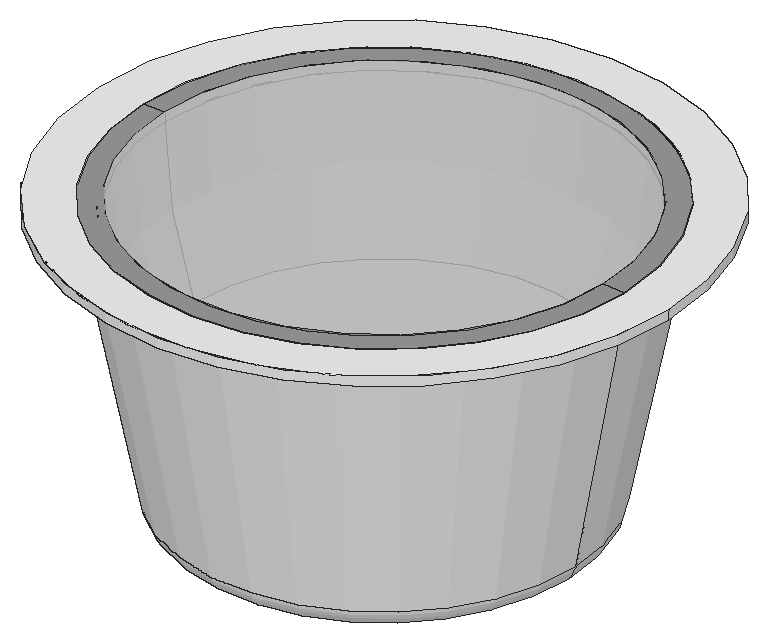
Revit family "2060551 Sylvania Lighting Fixture ASCENT 100 II ARCH 1900 3K STD EMG 160", category Lighting Fixtures, host Face, Revit 2016
Family settings
  Host = Face
  Part Type = Normal
  Round Connector Dimension = Use Diameter
  OmniClass Number = 23.80.70.11.17
  OmniClass Title = Specialized Lighting by Location or Use
  Cut with Voids When Loaded = No
  Light Source = Yes
  Shared = No
  Room Calculation Point = No
Parameters (values of type "2060551 ASCT100 II ARCH 1900 3K STD EMG 160 Emergency mode")
  WidthBezelAcc_SYL = 25.0 mm
  Weight = "1.92 kg"
  Wattage = 1.84536 W
  WarrantyStartDate [instance] = "n/a"
  WarrantyGuarantorParts = "n/a"
  WarrantyDurationUnit = "n/a"
  WarrantyDurationParts = "n/a"
  WarrantyDescription = "n/a"
  built-in parameter 1150110 = 1 (stored number, unit not read)
  Voltage = 0 V
  VisibilityAccessory_SYL = no
  TypeName = "ASCT100 II ARCH 1900 3K STD EMG 160 Emergency mode"
  built-in parameter 1114217 = 1 (stored number, unit not read)
  Tilt Angle = -90°
  built-in parameter 1150109 = 1 (stored number, unit not read)
  built-in parameter 1150134 = (empty or 0)
  built-in parameter 1150113 = 1 (stored number, unit not read)
  SerialNumber [instance] = "n/a"
  ReflectorRadius_SYL = Radius_SYL - 14.5 mm  # 80.0 mm
  RadiusAcc_SYL = 105.0 mm
  Radius_SYL = 94.5 mm
  URL = "http://www.sylvania-lighting.com"
  PowerFactor = 0
  PowerConsumption = "19 W"
  Photometric Web File = "2060551EM.ies"
  NominalWidth = 0.0 mm
  NominalLength = 0.0 mm
  NominalHeight = 94.0 mm
  Name = "ASCT100 II ARCH 1900 3K STD EMG 160 Emergency mode"
  ModelReference = "ASCT100 II ARCH 1900 3K STD EMG 160 Emergency mode"
  ModelNumber = "2060551"
  Material_4_SYL = none
  Material_3_SYL = Polycarbonate_Sylvania_Ascent_Opal
  Material_2_SYL = Aluminium_Sylvania_Ascent_Silver
  Material_1_SYL = Aluminum_Sylvania_Ascent_White
  Material = "aluminium housing, arcylic diffuser"
  ManufacturerName = "Feilo Sylvania"
  LuminousEfficacy = "97 lm/W"
  built-in parameter 1150105 = 14.244 (stored number, unit not read)
  Lumens = 179 lm
  LuminaireType = ""
  built-in parameter 1150115 = 1 (stored number, unit not read)
  LightOutputRatio = "100"
  built-in parameter 1150137 = (empty or 0)
  built-in parameter 1150139 = (empty or 0)
  LampsType = Lamp  # "LED"
  LampNominalLuminous = "1847 lm"
  LampMacAdamStep = "3"
  LampColourTemperature = "3000 K"
  LampColourRenderingIndex = "80"
  built-in parameter 1150112 = 1 (stored number, unit not read)
  built-in parameter 1150114 = 1 (stored number, unit not read)
  Keynote = "16500"
  InstallationDate [instance] = "n/a"
  InputVoltage = "n/a"
  InputNominalFrequency = "n/a"
  built-in parameter 1150132 = (empty or 0)
  built-in parameter 1150102 = (empty or 0)
  built-in parameter 1150107 = 3000 (stored number, unit not read)
  built-in parameter 1150138 = (empty or 0)
  IngressProtection = "IP40"
  ImpactProtectionIndex = "IK02"
  built-in parameter 1150106 = 0.14244 (stored number, unit not read)
  IfcExportType = "IfcLightFixtureType"
  IfcExportAs = "IfcLightFixtureType"
  Height_SYL = 94.0 mm
  HeightAcc_SYL = 7.0 mm
  ExpectedLife = 50000
  EmittionSurface_SYL = if(VisibilityAccessory_SYL, 7.0 mm, 3.0 mm)  # 3.0 mm
  Emit from Circle Diameter = DiffuserRadius_SYL * 2  # 146.0 mm
  Emit Shape Visible in Rendering = no
  ElectricShockClassification = "Class II"
  built-in parameter 1150104 = 9.0116 (stored number, unit not read)
  DurationUnit = "hours"
  DocumentationLiterature = "http://www.sylvania-lighting.com/product/en-int/products/2060551"
  DimmingControlOptions = "n/a"
  Dimming Lamp Color Temperature Shift = <None>
  DiffuserRadius_SYL = ReflectorRadius_SYL - 7.0 mm  # 73.0 mm
  Diameter_SYL = 2 * Radius_SYL  # 189.0 mm
  CutoutDiameter_SYL = Diameter_SYL - 13.0 mm  # 176.0 mm
  CreatedOn = "9/17/2018"
  CreatedBy = "@sylvania-lighting.com"
  Color Filter = 16777215
  built-in parameter 1114216 [instance] = 1 (stored number, unit not read)
  Model = "ASCT100 II ARCH 1900 3K STD EMG 160 Emergency mode"
  Manufacturer = "Feilo Sylvania"
  Lamp = "LED"
  Description = "Direct LED retro fit for original LED 100 Arch (160) single CFL lamp offering Matching lumen levels and improved light distribution of original LED 100 CFL lamp equivalents Typically half the power consumption compared to CFL Up to 112lm/W 160mm aperture Architectural reflector accepts range of glass accessories from existing LED 100 Arch 160 offering HE, HO and VHO versions equivalent of single 1 x 18W, 1 x 32W, 1 x 42W\r\n Additional VVHO versions which offer the performance circa 2 x 32W equivalent"  # constant formula
  Default Elevation = 0.0 mm
  built-in parameter 1140040 [instance] = 1
  BarCode [instance] = "n/a"
  built-in parameter 1114218 = 1 (stored number, unit not read)
  built-in parameter 1150133 = 10 (stored number, unit not read)
  AssetType = "Fixed"
  AssetIdentifier [instance] = "n/a"
  Assembly Code = "D5020200"
  Apparent Load = 1.84536 VA
  Aperture_SYL = 2 * ReflectorRadius_SYL  # 160.0 mm
Types (2, lengths in mm): name | Wattage | TypeName | Photometric Web File | Name | ModelReference | built-in parameter 1150105 | Lumens | built-in parameter 1150106 | Model | Apparent Load
  2060551 ASCT100 II ARCH 1900 3K STD EMG 160 Emergency mode | 1.84536 W | "ASCT100 II ARCH 1900 3K STD EMG 160 Emergency mode" | "2060551EM.ies" | "ASCT100 II ARCH 1900 3K STD EMG 160 Emergency mode" | "ASCT100 II ARCH 1900 3K STD EMG 160 Emergency mode" | 14.244 (stored number, unit not read) | 179 lm | 0.14244 (stored number, unit not read) | "ASCT100 II ARCH 1900 3K STD EMG 160 Emergency mode" | 1.84536 VA
  2060551 ASCT100 II ARCH 1900 3K STD EMG 160 | 19 W | "ASCENT 100 II ARCH 1900 3K STD EMG 160" | "2060551.ies" | "ASCENT 100 II ARCH 1900 3K STD EMG 160" | "ASCENT 100 II ARCH 1900 3K STD EMG 160" | 146.66 (stored number, unit not read) | 1843 lm | 1.4666 (stored number, unit not read) | "ASCENT 100 II ARCH 1900 3K STD EMG 160" | 19 VA
Reference planes
  plane 1 "Center (Front/Back)": y = 0
  plane 2: z = 0
  plane 3 "Center (Left/Right)": x = 0
  plane 4 "Fixture Bottom": z = 3
  plane 5: z = -52.5
  plane 6 "Fixture Top": z = -91
  plane 7: x = -105
  plane 8: z = 7
  plane 9: x = -80
  plane 10: z = 5
  plane 11: x = -103
Forms (mm)
  Extrusion 1, solid, material "Aluminum_Sylvania_Ascent_White", detail levels fine
    sketch origin (0, 0, 0) x (1, 0, 0) y (0, 1, 0)
      loop
        circle (0, 0) r 94.5
      loop
        circle (0, 0) r 80
    from 0 to 3
  Extrusion 2, void
    sketch origin (0, 0, 0) x (1, 0, 0) y (0, 1, 0)
      loop
        circle (0, 0) r 88
    from -91 to 3
  Revolve 3, solid, material "Aluminum_Sylvania_Ascent_White" <- "Material_1_SYL", detail levels fine
    sketch origin (0, 0, 0) x (1, 0, 0) y (0, 0, 1)
      loop
        line (0, -91.073) -> (0, -89.023) -> (-55.468, -89.014)
        arc (-55.468, -89.014) -> (-59.352, -87.613) -> (-61.54, -84.139) r 6.307
        line (-61.54, -84.139) -> (-77.991, -2.844) -> (-77.991, 0) -> (-80, 0) -> (-80, -3) -> (-63.5, -84.536)
        arc (-63.5, -84.536) -> (-60.643, -89.203) -> (-55.5, -91.073) r 8.291
        line (-55.5, -91.073) -> (0, -91.073)
      axis (0, 0) -> (0, -91.073)
    angle from 0 to 360
  Revolve 4, solid, material "Aluminium_Sylvania_Ascent_Silver" <- "Material_2_SYL", detail levels fine
    sketch origin (0, 0, 0) x (1, 0, 0) y (0, 0, 1)
      loop
        line (-80, 3) -> (-80, 0) -> (-75, 0)
        arc (-75, 0) -> (-72.349, -26.77) -> (-64.5, -52.5) r 136.5
        line (-64.5, -52.5) -> (-58, -52.5)
        arc (-58, -52.5) -> (-56.857, -61.521) -> (-53.5, -69.971) r 36.166
        line (-53.5, -69.971) -> (0, -69.971) -> (0, -50.5) -> (-63.16, -50.5)
        arc (-63.16, -50.5) -> (-70.517, -25.725) -> (-73, 0) r 134.5
        line (-73, 0) -> (-73, 3) -> (-80, 3)
      axis (0, 3) -> (0, -69.971)
    angle from 0 to 360
  Extrusion 5, solid, material "Polycarbonate_Sylvania_Ascent_Opal" <- "Material_3_SYL", detail levels fine
    sketch origin (0, 0, 0) x (1, 0, 0) y (0, 1, 0)
      loop
        circle (0, 0) r 73
    from 0 to 3
  Revolve 6, solid, material "Aluminum_Sylvania_Ascent_White" <- "Material_1_SYL", detail levels coarse+medium
    sketch origin (0, 0, 0) x (1, 0, 0) y (0, 0, 1)
      loop
        line (0, -91.073) -> (0, 3) -> (-94.5, 3) -> (-94.5, 0) -> (-79.5, 0) -> (-79.5, -3) -> (-63, -84.536)
        arc (-63, -84.536) -> (-60.143, -89.203) -> (-55, -91.073) r 8.291
        line (-55, -91.073) -> (0, -91.073)
      axis (0, 3) -> (0, -91.073)
    angle from 0 to 360
  Revolve 7, solid, material "Aluminum_Sylvania_Ascent_White" <- "Material_1_SYL", visible <- "VisibilityAccessory_SYL"
    sketch origin (0, 0, 0) x (1, 0, 0) y (0, 0, 1)
      loop
        line (-105, 0) -> (-103, 0) -> (-103, 5) -> (-80, 5) -> (-80, 7) -> (-105, 7) -> (-105, 0)
      axis (0, 7) -> (0, 0)
    angle from 0 to 360
  Revolve 8, solid, material "Polycarbonate_Sylvania_Ascent_Opal" <- "Material_3_SYL", visible <- "VisibilityAccessory_SYL"
    sketch origin (0, 0, 0) x (1, 0, 0) y (0, 0, 1)
      loop
        line (-80, 7) -> (-80, 5) -> (0, 5) -> (0, 7) -> (-80, 7)
      axis (0, 7) -> (0, 5)
    angle from 0 to 360
Lines and regions (mm)
  reference lines
    curve 1: line (-150, 0, 3) -> (125, 0, 3)
Dimensions and locks
  locked: plane 4 "Fixture Bottom" to plane 2 at 3
  "Height_SYL": plane 4 "Fixture Bottom" to plane 6 "Fixture Top"
  "ReflectorRadius_SYL": plane 3 "Center (Left/Right)" to Revolve 4 sketch curve
  locked: Revolve 4 sketch curve to Revolve 4 sketch curve at 15.5
  locked: Revolve 4 sketch curve to Revolve 4 sketch curve at 5
  locked: Revolve 4 sketch curve to Revolve 4 sketch curve at 7
  locked: Revolve 4 sketch curve to Revolve 4 sketch curve at 22
  locked: Revolve 4 sketch curve to Revolve 4 sketch curve at 26.5
  locked: Revolve 3 sketch curve to Revolve 3 sketch curve at 16.5
  locked: Revolve 3 sketch curve to Revolve 3 sketch curve at 24.5
  "ReflectorRadius_SYL": Revolve 3 sketch curve to plane 3 "Center (Left/Right)"
  locked: Revolve 3 sketch curve to plane 6 "Fixture Top" at 6.464
  locked: plane 2 to Revolve 3 sketch curve at 3
  locked: Revolve 3 sketch curve to Revolve 3 sketch curve at 2
  locked: Revolve 3 sketch curve to Revolve 3 sketch curve at 2.009
  locked: plane 2 to plane 5 at 52.5
  locked: Revolve 6 sketch curve to Revolve 6 sketch curve at 31.5
  locked: Revolve 6 sketch curve to Revolve 6 sketch curve at 39.5
  locked: Revolve 6 sketch curve to Revolve 6 sketch curve at 15
  "Radius_SYL": plane 3 "Center (Left/Right)" to Revolve 6 sketch curve
  "RadiusAcc_SYL": plane 3 "Center (Left/Right)" to plane 7
  "HeightAcc_SYL": plane 8 to level
  "WidthBezelAcc_SYL": plane 7 to plane 9
  locked: plane 7 to plane 11 at 2
  locked: plane 8 to plane 10 at 2
  "EmittionSurface_SYL": curve 1 to level
  "CutoutDiameter_SYL": diameter of Extrusion 2 sketch curve
  "ReflectorRadius_SYL": radius of Extrusion 1 sketch curve
  "DiffuserRadius_SYL": radius of Extrusion 5 sketch curve
  "Radius_SYL": radius of Extrusion 1 sketch curve
  aligned and locked: host face to plane 2
  aligned and locked: host face to level
  aligned and locked: plane 4 "Fixture Bottom" to Extrusion 1
  aligned and locked: Extrusion 1 to plane 2
  aligned and locked: Revolve 3 sketch curve to plane 3 "Center (Left/Right)"
  aligned and locked: Revolve 4 sketch curve to plane 3 "Center (Left/Right)"  (x2)
  aligned and locked: plane 4 "Fixture Bottom" to Revolve 4 sketch curve
  aligned and locked: Extrusion 5 to plane 2
  aligned and locked: plane 2 to Revolve 3 sketch curve  (x2)
  aligned and locked: Revolve 6 sketch curve to plane 3 "Center (Left/Right)"
  aligned and locked: plane 6 "Fixture Top" to Extrusion 2
  aligned and locked: Revolve 7 sketch curve to plane 3 "Center (Left/Right)"
  aligned and locked: host face to Revolve 7 sketch curve  (x2)
  aligned and locked: Revolve 7 sketch curve to plane 7
  aligned and locked: plane 8 to Revolve 7 sketch curve
  aligned and locked: plane 9 to Revolve 7 sketch curve
  aligned and locked: Revolve 7 sketch curve to plane 10
  aligned and locked: plane 11 to Revolve 7 sketch curve
  aligned and locked: Revolve 7 to Revolve 8 sketch curve
  aligned and locked: Revolve 8 sketch curve to Revolve 7  (x2)
  aligned and locked: Revolve 8 sketch curve to plane 3 "Center (Left/Right)"  (x2)
  aligned and locked: plane 3 "Center (Left/Right)" to imposter light
  aligned and locked: imposter light to plane 1 "Center (Front/Back)"
  aligned and locked: imposter light to curve 1
Automatic sketch dimensions
  plane 1 "Center (Front/Back)" to Extrusion 2 sketch curve = 0.0 mm
  Extrusion 2 sketch curve to plane 3 "Center (Left/Right)" = 0.0 mm
  Extrusion 1 sketch curve to Extrusion 1 sketch curve = 0.0 mm  (x2)
  plane 1 "Center (Front/Back)" to Extrusion 1 sketch curve = 0.0 mm
  Extrusion 1 sketch curve to plane 3 "Center (Left/Right)" = 0.0 mm
  plane 6 "Fixture Top" to Revolve 3 sketch curve = 0.073 mm
  Revolve 3 sketch curve to plane 6 "Fixture Top" = 6.861 mm
  Revolve 3 sketch curve to Revolve 3 sketch curve = 0.003 mm
  Revolve 3 sketch curve to Revolve 3 sketch curve = 0.009 mm  (x2)
  Revolve 3 sketch curve to Revolve 3 sketch curve = 0.023 mm
  Revolve 3 sketch curve to Revolve 3 sketch curve = 0.072 mm
  Revolve 3 sketch curve to Revolve 3 sketch curve = 0.008 mm
  Revolve 3 sketch curve to plane 6 "Fixture Top" = 1.977 mm
  Revolve 3 sketch curve to Revolve 3 sketch curve = 33.496 mm
  Revolve 3 sketch curve to Revolve 3 sketch curve = 0.028 mm
  plane 4 "Fixture Bottom" to Revolve 3 sketch curve = 82.431 mm
  Revolve 4 sketch curve to Revolve 4 sketch curve = 0.0 mm  (x2)
  Revolve 4 sketch curve to plane 5 = 0.0 mm
  Revolve 4 sketch curve to level = 0.0 mm
  plane 5 to Revolve 4 sketch curve = 2.0 mm
  plane 4 "Fixture Bottom" to Revolve 4 sketch curve = 9.642 mm
  plane 1 "Center (Front/Back)" to Extrusion 5 sketch curve = 0.0 mm
  Extrusion 5 sketch curve to plane 3 "Center (Left/Right)" = 0.0 mm
  Revolve 4 sketch curve to level = 69.971 mm
  Revolve 4 sketch curve to Revolve 4 sketch curve = 2.387 mm
  Revolve 6 sketch curve to level = 0.0 mm
  Revolve 6 sketch curve to plane 3 "Center (Left/Right)" = 0.0 mm
  Revolve 6 sketch curve to Revolve 6 sketch curve = 8.104 mm
  Revolve 6 sketch curve to level = 3.0 mm
  Revolve 6 sketch curve to plane 6 "Fixture Top" = 6.464 mm
  plane 6 "Fixture Top" to Revolve 6 sketch curve = 0.073 mm
  Revolve 6 sketch curve to Revolve 6 sketch curve = 33.496 mm
  plane 4 "Fixture Bottom" to Revolve 6 sketch curve = 82.431 mm
  host sketch curve to host sketch curve = 1704.996 mm
  host sketch curve to host sketch curve = 1500.0 mm
  plane 6 "Fixture Top" to Revolve 7 sketch curve = 281.274 mm
  Revolve 7 sketch curve to plane 8 = 1140.706 mm
  plane 6 "Fixture Top" to Revolve 8 sketch curve = 281.274 mm
  Revolve 8 sketch curve to Revolve 8 sketch curve = 1140.706 mm
  Revolve 3 sketch curve to plane 3 "Center (Left/Right)" = 0.0 mm
  Revolve 6 sketch curve to plane 4 "Fixture Bottom" = 0.0 mm
  plane 7 to curve 1 = 45.0 mm
  plane 3 "Center (Left/Right)" to curve 1 = 125.0 mm
Connectors
  electrical at (0, 0, -91.073), driven by "Apparent Load"
    settings: on Revolve 3, index 1, voltage 240 V, apparent load 0 VA, apparent load phase1 1.84536 VA, apparent load phase2 0 VA, apparent load phase3 0 VA, power factor 1, load classification "Lighting", number of poles 1, system type 31, power factor state 1, is connector primary yes, connector utility no, sub classification motor no, connector description ""
